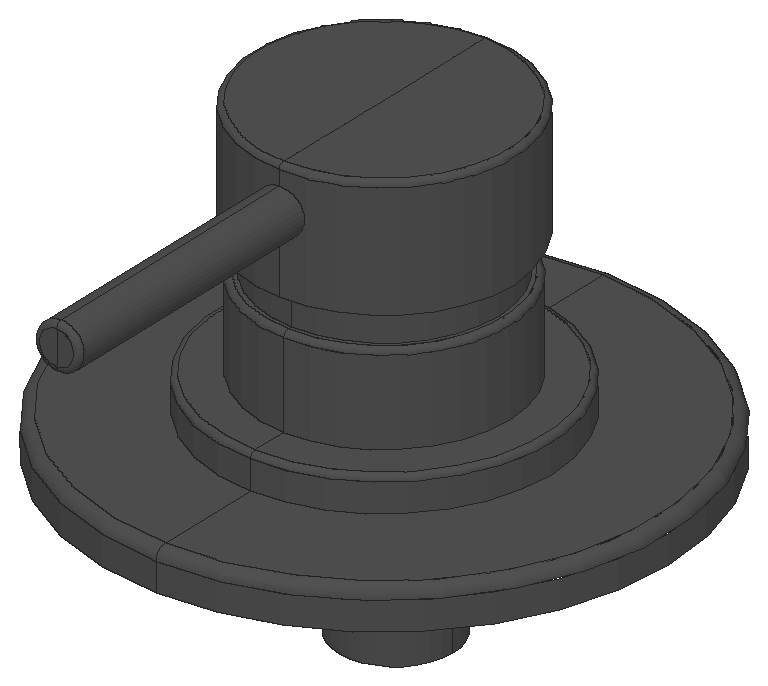
Revit family "Mixer-Bath Shower-Caroma Liano Nexus", category Plumbing Fixtures, host Face, Revit 2013
Parameters (values of type "Standard")
  Waste Connection = no
  Vent Connection = no
  URL = "http://www.caroma.com.au/"
  Type Comments = "Caroma Liano Nexus Bath/Shower Mixer"  # constant formula
  ModifiedIssue_ANZRS = 2013.1  # constant formula
  Model = "96130B"  # constant formula
  Material_ANZRS = Metal-Steel-Powdercoated-Matte Black
  Manufacturer = "GWA Bathrooms & Kitchens"  # constant formula
  HWFU = 3  # constant formula
  HW Connection = yes
  Description = ""
  Default Elevation = 1000 mm
  CreatedBy_ANZRS = "Design Content"  # constant formula
  CreatedByURL_ANZRS = "www.designcontent.com.au"
  Cost = 0
  Connector Radius = 10 mm
  CWFU = 3  # constant formula
  CW Connection = yes
  Assembly Code = "C1030210"
Reference planes
  plane 1 "Center (Front/Back)": y = 0
  plane 2: z = 0
  plane 3 "Center (Left/Right)": x = 0
  plane 4 "Top": y = 50
  plane 5 "Bottom": y = -50
  plane 6 "Left": x = -50
  plane 7 "Right": x = 50
Forms (mm)
  Extrusion 1, solid, material "Metal-Steel-Powdercoated-Matte Black" <- "Material_ANZRS"
    sketch origin (17.071, -2.929, 0) x (1, 0, 0) y (0, 1, 0)
      loop
        circle (-7.071, -7.071) r 10
    from -20 to 0
  Extrusion 2, solid, material "Metal-Steel-Powdercoated-Matte Black" <- "Material_ANZRS"
    sketch origin (-17.071, -17.071, 0) x (-1, 0, 0) y (0, -1, 0)
      loop
        circle (-7.071, -7.071) r 10
    from -20 to 0
  Extrusion 3, solid, material "Metal-Steel-Powdercoated-Matte Black" <- "Material_ANZRS"
    sketch origin (-7.071, 2.929, 0) x (-1, 0, 0) y (0, -1, 0)
      loop
        circle (-7.071, -7.071) r 10
    from -20 to 0
  Revolve 4, solid, material "Metal-Steel-Powdercoated-Matte Black" <- "Material_ANZRS"
    sketch origin (0, 0, 0) x (0, 1, 0) y (0, 0, 1)
      loop
        line (0, 0) -> (50, 0) -> (50, 5)
        arc (50, 5) -> (49.414, 6.414) -> (48, 7) r 2
        line (48, 7) -> (29.334, 7) -> (29.334, 11.995)
        arc (29.334, 11.995) -> (29.041, 12.702) -> (28.334, 12.995) r 1
        line (28.334, 12.995) -> (22, 12.995) -> (22, 27.8)
        arc (22, 27.8) -> (21.707, 28.507) -> (21, 28.8) r 1
        line (21, 28.8) -> (20.214, 28.8) -> (20.214, 36.213)
        arc (20.214, 36.213) -> (18.63, 39.605) -> (16.482, 42.671) r 21.499
        line (16.482, 42.671) -> (0, 42.671) -> (0, 0)
      axis (0, 0) -> (0, 42.671)
    angle from 0 to 360
  Revolve 5, solid, material "Metal-Steel-Powdercoated-Matte Black" <- "Material_ANZRS"
    sketch origin (0, 0, -89.895) x (0, 1, 0) y (0, 0, 1)
      loop
        line (-23, 124.6) -> (0, 124.6) -> (0, 145.6) -> (-22, 145.6)
        arc (-22, 145.6) -> (-22.707, 145.307) -> (-23, 144.6) r 1
        line (-23, 144.6) -> (-23, 124.6)
      axis (0, 124.6) -> (0, 145.6)
    angle from 0 to 360
  Revolve 6, solid, material "Metal-Steel-Powdercoated-Matte Black" <- "Material_ANZRS"
    sketch origin (0, 1.841, -89.968) x (0, 1, 0) y (0, 0, 1)
      loop
        line (-19.831, 142.135) -> (-72.697, 142.135)
        arc (-72.697, 142.135) -> (-73.404, 141.842) -> (-73.697, 141.135) r 1
        line (-73.697, 141.135) -> (-73.697, 138.135) -> (-19.831, 138.135) -> (-19.831, 142.135)
      axis (-19.831, 138.135) -> (-73.697, 138.135)
    angle from 0 to 360
  Extrusion 7, void
    sketch origin (0, 0, -89.895) x (0, 1, 0) y (0, 0, 1)
      loop
        line (-6.574, 124.024) -> (24.905, 124.024) -> (24.905, 126.778) -> (-6.574, 124.024)
    from -50 to 50
Cuts and joins
  Extrusion 7 cuts Revolve 5
  joined: Revolve 4, Revolve 5, Revolve 6
Lines and regions (mm)
  Masking region 1
    outline origin (0, 0, 0) x (1, 0, 0) y (0, 1, 0)
      loop
        arc (4, -49.84) -> (0, 50) -> (-4, -49.84) r 50
        line (-4, -49.84) -> (-4, -70.855)
        arc (-4, -70.855) -> (-3.707, -71.562) -> (-3, -71.855) r 1
        line (-3, -71.855) -> (3, -71.855)
        arc (3, -71.855) -> (3.707, -71.562) -> (4, -70.855) r 1
        line (4, -70.855) -> (4, -49.84)
  Masking region 2
    outline origin (0, 0, 0) x (0, 1, 0) y (0, 0, 1)
      loop
        line (0, 0) -> (50, 0) -> (50, 5)
        arc (50, 5) -> (49.414, 6.414) -> (48, 7) r 2
        line (48, 7) -> (29.334, 7) -> (29.334, 11.995)
        arc (29.334, 11.995) -> (29.041, 12.702) -> (28.334, 12.995) r 1
        line (28.334, 12.995) -> (22, 12.995) -> (22, 27.8)
        arc (22, 27.8) -> (21.707, 28.507) -> (21, 28.8) r 1
        line (21, 28.8) -> (20.214, 28.8) -> (20.214, 36.473) -> (23, 36.717) -> (23, 54.705)
        arc (23, 54.705) -> (22.707, 55.412) -> (22, 55.705) r 1
        line (22, 55.705) -> (0, 55.705) -> (-22, 55.705)
        arc (-22, 55.705) -> (-22.707, 55.412) -> (-23, 54.705) r 1
        line (-23, 54.705) -> (-23, 52.166) -> (-70.856, 52.166)
        arc (-70.856, 52.166) -> (-71.563, 51.873) -> (-71.856, 51.166) r 1
        line (-71.856, 51.166) -> (-71.856, 48.166) -> (-71.856, 45.166)
        arc (-71.856, 45.166) -> (-71.563, 44.459) -> (-70.856, 44.166) r 1
        line (-70.856, 44.166) -> (-23, 44.166) -> (-23, 34.705) -> (-20.214, 34.705) -> (-20.214, 28.8) -> (-21, 28.8)
        arc (-21, 28.8) -> (-21.707, 28.507) -> (-22, 27.8) r 1
        line (-22, 27.8) -> (-22, 12.995) -> (-28.334, 12.995)
        arc (-28.334, 12.995) -> (-29.041, 12.702) -> (-29.334, 11.995) r 1
        line (-29.334, 11.995) -> (-29.334, 7) -> (-48, 7)
        arc (-48, 7) -> (-49.414, 6.414) -> (-50, 5) r 2
        line (-50, 5) -> (-50, 0) -> (0, 0)
  Masking region 3
    outline origin (0, 0, 0) x (1, 0, 0) y (0, 0, 1)
      loop
        line (0, 0) -> (50, 0) -> (50, 5)
        arc (50, 5) -> (49.414, 6.414) -> (48, 7) r 2
        line (48, 7) -> (29.334, 7) -> (29.334, 11.995)
        arc (29.334, 11.995) -> (29.041, 12.702) -> (28.334, 12.995) r 1
        line (28.334, 12.995) -> (22, 12.995) -> (22, 27.8)
        arc (22, 27.8) -> (21.707, 28.507) -> (21, 28.8) r 1
        line (21, 28.8) -> (20.214, 28.8) -> (20.214, 34.705) -> (23, 34.705) -> (23, 54.705)
        arc (23, 54.705) -> (22.707, 55.412) -> (22, 55.705) r 1
        line (22, 55.705) -> (0, 55.705) -> (-22, 55.705)
        arc (-22, 55.705) -> (-22.707, 55.412) -> (-23, 54.705) r 1
        line (-23, 54.705) -> (-23, 34.705) -> (-20.214, 34.705) -> (-20.214, 28.8) -> (-21, 28.8)
        arc (-21, 28.8) -> (-21.707, 28.507) -> (-22, 27.8) r 1
        line (-22, 27.8) -> (-22, 12.995) -> (-28.334, 12.995)
        arc (-28.334, 12.995) -> (-29.041, 12.702) -> (-29.334, 11.995) r 1
        line (-29.334, 11.995) -> (-29.334, 7) -> (-48, 7)
        arc (-48, 7) -> (-49.414, 6.414) -> (-50, 5) r 2
        line (-50, 5) -> (-50, 0) -> (0, 0)
  symbolic lines
    curve 1: circle (0, 0, 0) r 23 normal (0, 0, 1)
    curve 2: line (-4, -22.65, 0) -> (-4, -70.855, 0)
    curve 3: line (0, -71.855, 0) -> (-3, -71.855, 0)
    curve 4: arc (-4, -70.855, 0) -> (-3.707, -71.562, 0) -> (-3, -71.855, 0) r 1
    curve 5: line (4, -22.65, 0) -> (4, -70.855, 0)
    curve 6: line (0, -71.855, 0) -> (3, -71.855, 0)
    curve 7: arc (4, -70.855, 0) -> (3.707, -71.562, 0) -> (3, -71.855, 0) r 1
    curve 8: arc (4, -29.06, 0) -> (0, 29.334, 0) -> (-4, -29.06, 0) r 29.334
    curve 9: line (0, 23, 36.717) -> (0, 0, 34.705)
    curve 10: line (0, -23, 34.705) -> (0, 0, 34.705)
    curve 11: line (0, 21, 28.8) -> (0, -21, 28.8)
    curve 12: line (0, 28.334, 12.995) -> (0, -28.334, 12.995)
    curve 13: line (0, 48, 7) -> (0, -48, 7)
    curve 14: arc (0, -23, 52.166) -> (0, -22.61, 48.166) -> (0, -23, 44.166) r 20.706
    curve 15: line (21, 0, 28.8) -> (-20.214, 0, 28.8)
    curve 16: line (22, 0, 12.995) -> (-28.334, 0, 12.995)
    curve 17: line (29.334, 0, 7) -> (-48, 0, 7)
    curve 18: spline (22.995, 0, 34.705) -> (22.804, 0, 34.967) -> (22.223, 0, 35.225) -> (21.26, 0, 35.474) -> (19.932, 0, 35.71) -> (18.263, 0, 35.928) -> (16.28, 0, 36.126) -> (14.018, 0, 36.3) -> (11.515, 0, 36.446) -> (8.815, 0, 36.563) -> (5.963, 0, 36.648) -> (3.007, 0, 36.7) -> (0, 0, 36.717)
    curve 19: spline (0, 0, 36.717) -> (-3.007, 0, 36.7) -> (-5.963, 0, 36.648) -> (-8.815, 0, 36.563) -> (-11.515, 0, 36.446) -> (-14.018, 0, 36.3) -> (-16.28, 0, 36.126) -> (-18.263, 0, 35.928) -> (-19.932, 0, 35.71) -> (-21.26, 0, 35.474) -> (-22.223, 0, 35.225) -> (-22.804, 0, 34.967) -> (-22.995, 0, 34.705)
    curve 20: spline (-10.565, 0, 36.213) -> (-11.992, 0, 36.128) -> (-13.333, 0, 36.034) -> (-14.576, 0, 35.93) -> (-15.714, 0, 35.817) -> (-16.738, 0, 35.696) -> (-17.641, 0, 35.568) -> (-18.416, 0, 35.434) -> (-19.058, 0, 35.294) -> (-19.561, 0, 35.151) -> (-19.923, 0, 35.004) -> (-20.141, 0, 34.855) -> (-20.213, 0, 34.705)
    curve 21: line (-10.565, 0, 36.213) -> (0, 0, 36.213)
    curve 22: line (0, 0, 36.213) -> (10.565, 0, 36.213)
    curve 23: spline (20.213, 0, 34.705) -> (20.141, 0, 34.855) -> (19.923, 0, 35.004) -> (19.561, 0, 35.151) -> (19.058, 0, 35.294) -> (18.416, 0, 35.434) -> (17.641, 0, 35.568) -> (16.738, 0, 35.696) -> (15.714, 0, 35.817) -> (14.576, 0, 35.93) -> (13.333, 0, 36.034) -> (11.992, 0, 36.128) -> (10.565, 0, 36.213)
Dimensions and locks
  aligned and locked: plane 2 to host face
  aligned and locked: level to host face
Connectors
  piping at (10, -10, -20), driven by "Connector Radius", driven by "CWFU"
    settings: on Extrusion 1, index 3, connector radius 0.3937", flow factor 0, pipe flow 0 GPM, pressure drop 0.00 psi, fitting loss kfactor 0, connector angle 0.00°, fixture units 3, engagement length 0 mm, flow configuration 3, flow direction 1, fitting loss method 1, system type 20, joint type 0, gender type 0, connector reference index -1, connector utility 0, adjustable connector no, is connector primary yes, fitting loss table "Inward Projecting Pipe", connector description "Cold Inlet"
  piping at (-10, -10, -20), driven by "Connector Radius", driven by "HWFU"
    settings: on Extrusion 2, index 4, connector radius 0.3937", flow factor 0, pipe flow 0 GPM, pressure drop 0.00 psi, fitting loss kfactor 0, connector angle 0.00°, fixture units 3, engagement length 0 mm, flow configuration 3, flow direction 1, fitting loss method 1, system type 19, joint type 0, gender type 0, connector reference index -1, connector utility 0, adjustable connector no, is connector primary no, fitting loss table "Inward Projecting Pipe", connector description "Hot Inlet"
  piping at (0, 10, -20), driven by "Connector Radius", driven by "HWFU"
    settings: on Extrusion 3, index 6, connector radius 0.3937", flow factor 0, pipe flow 0 GPM, pressure drop 0.00 psi, fitting loss kfactor 0, connector angle 0.00°, fixture units 3, engagement length 0 mm, flow configuration 3, flow direction 2, fitting loss method 1, system type 19, joint type 0, gender type 0, connector reference index -1, connector utility 0, adjustable connector no, is connector primary no, fitting loss table "Inward Projecting Pipe", connector description "Bath Outlet"
